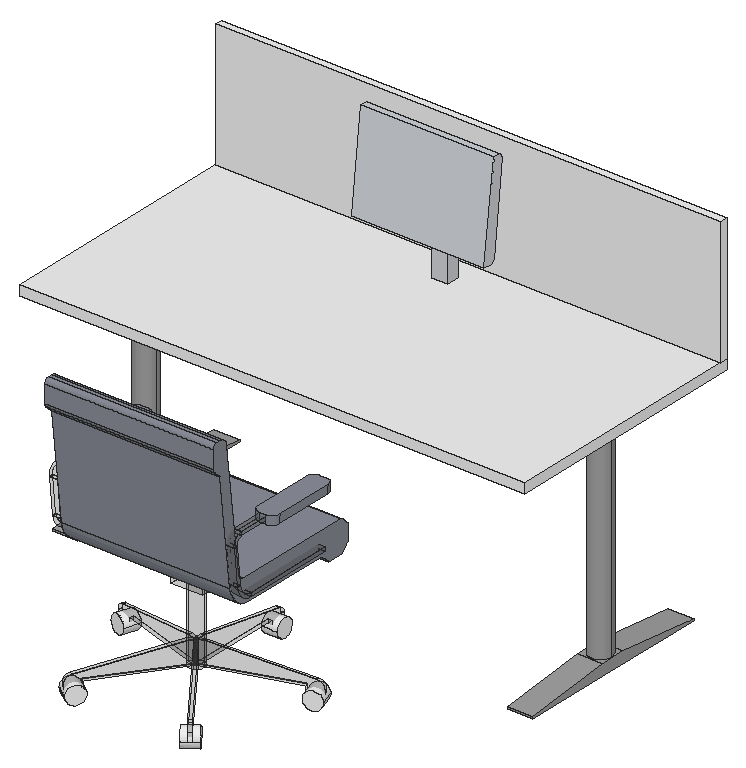
Revit family "Office Space", category Furniture, Revit 2015
Parameters (values of type "Office Space 2")
  Space = 1800 mm
  Screen [instance] = yes
  Material Table Base [instance] = Stainless Steel
  Material Seat/Back [instance] = Slate Blue
  Material Plate [instance] = White
  Material Caster [instance] = Chrome Polished
  Material Chair Base [instance] = Plastic Black
  Divider [instance] = yes
  Desk [instance] = Office Desk : 180x80cm
  Chair [instance] = Chair Task Arms : Chair Task Arms
Types (2, lengths in mm): name | Space | Desk
  Office Space | 1600 | Office Desk : 160x80cm
  Office Space 2 | 1800 | Office Desk : 180x80cm
Reference planes
  plane 1 "Center (Front/Back)": y = 0
  plane 2: z = 0
  plane 3 "Center (Left/Right)": x = 0
Lines and regions (mm)
  symbolic lines, style "FurnitureHiddenLines", detail levels coarse
    curve 1: line (-800, -2200, 0) -> (800, -2200, 0)
Dimensions and locks
  "Space": nested 1 to curve 1
  locked: nested 1 to nested 2 at 300
  aligned and locked: level to plane 2
Automatic sketch dimensions
  curve 1 to plane 3 "Center (Left/Right)" = 800 mm
  plane 3 "Center (Left/Right)" to curve 1 = 800 mm
Nested families
  nested 1: "Office Desk" at (190, 0, 0), Screen <- "Screen", Divider <- "Divider", Material Plate <- "Material Plate", Material Base <- "Material Table Base", type "160x80cm"
    with Screen yes, Material Plate White, Material Base Stainless Steel, Divider yes, Depth 800 mm, Width 1600 mm
  nested 2: "Chair Task Arms" at (-140.991, -681.054, 0), Material Base <- "Material Chair Base", Material Seat/Back <- "Material Seat/Back", Material Caster <- "Material Caster", type <- "Chair", type "Chair Task Arms"
    with Material Seat/Back Slate Blue, Material Caster Chrome Polished, Material Base Plastic Black
Definition of nested family "Office Desk"
  Parameters
    Screen [instance] = yes
    Material Plate [instance] = none
    Material Base [instance] = none
    Height = 720 mm
    Divider [instance] = no
    Depth = 900 mm
    Width = 1800 mm
    Assembly Code = ""
  Reference planes
    plane 1 "Center (Front/Back)": y = 0
    plane 2: z = 0
    plane 3 "Center (Left/Right)": x = -190
    plane 4 "Tableheight": z = 720
    plane 5 "Left": x = -1090
    plane 6: x = 710
    plane 7: y = 450
    plane 8: y = -450
    plane 9: x = -1010
    plane 10: x = 630
  Forms (mm)
    Extrusion 1, solid, material <- "Material Plate"
      sketch origin (48.853, -30.184, 720) x (-1, 0, 0) y (0, -1, 0)
        loop
          line (1138.853, 419.816) -> (-661.147, 419.816) -> (-661.147, -480.184) -> (1138.853, -480.184) -> (1138.853, 419.816)
      from 0 to -30
    Extrusion 2, solid, material <- "Material Base"
      sketch origin (-1000, 1.534, 0) x (0, 1, 0) y (0, 0, 1)
        loop
          line (40, 35) -> (-40, 35) -> (-321.534, 5.732) -> (-321.534, 0) -> (0, 0) -> (318.466, 0) -> (318.466, 5.732) -> (40, 35)
      from -50 to 30
    Extrusion 3, solid, material <- "Material Base"
      sketch origin (-300, 0, 0) x (1, 0, 0) y (0, 1, 0)
        loop
          circle (-710, 0) r 35
      from 35 to 690
    Extrusion 4, solid, material <- "Material Base"
      sketch origin (520, 0, 0) x (0, -1, 0) y (0, 0, 1)
        loop
          line (-40, 35) -> (-318.466, 5.732) -> (-318.466, 0) -> (0, 0) -> (318.466, 0) -> (318.466, 5.732) -> (40, 35) -> (-40, 35)
      from -150 to -70
    Extrusion 5, solid, material <- "Material Base"
      sketch origin (-180, 0, 0) x (-1, 0, 0) y (0, -1, 0)
        loop
          circle (-810, 0) r 35
      from 35 to 690
    Extrusion 6, solid, material <- "Material Plate", visible <- "Divider"
      sketch origin (48.853, -30.184, 720) x (-1, 0, 0) y (0, -1, 0)
        loop
          line (1138.853, -480.184) -> (1138.853, -455.184) -> (-661.147, -455.184) -> (-661.147, -480.184) -> (1138.853, -480.184)
      from 0 to 400
  Dimensions and locks
    "Width": plane 5 "Left" to plane 6
    equal spacing: plane 5 "Left", plane 3 "Center (Left/Right)", plane 6
    "Depth": plane 7 to plane 8
    equal spacing: Extrusion 2, plane 9, Extrusion 2, locked at 40 each
    locked: plane 5 "Left" to plane 9 at 80
    equal spacing: Extrusion 4, plane 10, Extrusion 4, locked at 40 each
    locked: plane 10 to plane 6 at 80
    equal spacing: Extrusion 2, plane 1 "Center (Front/Back)", Extrusion 2
    equal spacing: plane 7, plane 1 "Center (Front/Back)", plane 8
    locked: plane 7 to nested 1 at 180
    "Height": plane 4 "Tableheight" to level
    aligned: plane 5 "Left" to Extrusion 1
    aligned and locked: plane 6 to Extrusion 1
    aligned: Extrusion 1 to plane 5 "Left"
    aligned and locked: Extrusion 1 to plane 6
    aligned and locked: plane 7 to Extrusion 1
    aligned and locked: Extrusion 1 to plane 8
    aligned and locked: Extrusion 1 to plane 5 "Left"
    aligned and locked: plane 3 "Center (Left/Right)" to nested 1
    aligned and locked: Extrusion 5 to Extrusion 1
    aligned and locked: Extrusion 3 to Extrusion 1
    aligned and locked: Extrusion 1 to nested 1
    aligned and locked: Extrusion 6 sketch curve to plane 6
  Automatic sketch dimensions
    Extrusion 2 sketch curve to Extrusion 2 sketch curve = 281.534 mm
    Extrusion 2 sketch curve to Extrusion 2 sketch curve = 40 mm  (x2)
    Extrusion 2 sketch curve to Extrusion 2 sketch curve = 278.466 mm
    Extrusion 2 sketch curve to Extrusion 2 sketch curve = 5.732 mm  (x2)
    Extrusion 2 sketch curve to Extrusion 2 sketch curve = 35 mm
    Extrusion 4 sketch curve to Extrusion 4 sketch curve = 278.466 mm  (x2)
    Extrusion 4 sketch curve to Extrusion 4 sketch curve = 40 mm  (x2)
    Extrusion 4 sketch curve to Extrusion 4 sketch curve = 5.732 mm  (x2)
    Extrusion 4 sketch curve to Extrusion 4 sketch curve = 35 mm
    Extrusion 1 sketch curve to plane 6 = 0 mm
    plane 5 "Left" to Extrusion 1 sketch curve = 0 mm
    plane 7 to Extrusion 1 sketch curve = 0 mm
    Extrusion 1 sketch curve to plane 8 = 0 mm
    Extrusion 2 sketch curve to level = 0 mm
    Extrusion 2 sketch curve to plane 1 "Center (Front/Back)" = 1.534 mm
    plane 1 "Center (Front/Back)" to Extrusion 3 sketch curve = 0 mm
    Extrusion 3 sketch curve to plane 9 = 0 mm
    Extrusion 4 sketch curve to level = 0 mm
    Extrusion 4 sketch curve to plane 1 "Center (Front/Back)" = 0 mm
    plane 1 "Center (Front/Back)" to Extrusion 5 sketch curve = 0 mm
    Extrusion 5 sketch curve to plane 10 = 0 mm
    Extrusion 6 sketch curve to plane 5 "Left" = 0 mm
    Extrusion 6 sketch curve to plane 7 = 0 mm
    Extrusion 6 sketch curve to Extrusion 6 sketch curve = 25 mm
    radius of Extrusion 3 sketch curve = 35 mm
    radius of Extrusion 5 sketch curve = 35 mm
  Nested families
    nested 1: "Computerscreen" at (-190, 270, 0), visible <- "Screen", type "Computerscreen"
      with table height 720 mm
  Definition of nested family "Computerscreen"
    Parameters
      table height [instance] = 720 mm
      material = none
    Reference planes
      plane 1 "Center (Front/Back)": y = 0
      plane 2: z = 0
      plane 3 "Center (Left/Right)": x = 0
      plane 4 "Table height": z = 720
    Forms (mm)
      Extrusion 1, solid
        sketch origin (-25, 0, 0) x (0, 1, 0) y (0, 0, 1)
          loop
            line (0, 1027.5) -> (0, 975.179) -> (12.755, 975.179)
            arc (12.755, 975.179) -> (17.084, 974.704) -> (21.208, 973.305) r 20
            line (21.208, 973.305) -> (32.831, 967.885)
            arc (32.831, 967.885) -> (41.246, 960.505) -> (44.378, 949.759) r 20
            line (44.378, 949.759) -> (44.378, 720) -> (84.378, 720) -> (84.378, 989.401)
            arc (84.378, 989.401) -> (81.246, 1000.147) -> (72.831, 1007.528) r 20
            line (72.831, 1007.528) -> (34.018, 1025.626)
            arc (34.018, 1025.626) -> (29.895, 1027.026) -> (25.566, 1027.5) r 20
            line (25.566, 1027.5) -> (0, 1027.5)
        from 0 to 50
      Extrusion 2, solid
        sketch origin (-210, -128.635, -30.513) x (0, 0.992546, -0.121869) y (0, 0.121869, 0.992546)
          loop
            line (-25, 1205.68) -> (-25, 904.467) -> (0, 904.467) -> (10.607, 915.074) -> (10.607, 1195.074) -> (0, 1205.68) -> (-25, 1205.68)
        from 0 to 420
    Dimensions and locks
      "table height": plane 4 "Table height" to level
      aligned: plane 4 "Table height" to Extrusion 1 sketch curve
    Automatic sketch dimensions
      plane 1 "Center (Front/Back)" to Extrusion 2 sketch curve = 43.222 mm
      plane 4 "Table height" to Extrusion 2 sketch curve = 150.259 mm
      Extrusion 2 sketch curve to Extrusion 2 sketch curve = 25 mm  (x2)
      Extrusion 2 sketch curve to Extrusion 2 sketch curve = 10.607 mm  (x3)
      Extrusion 2 sketch curve to Extrusion 2 sketch curve = 280 mm
      Extrusion 1 sketch curve to plane 1 "Center (Front/Back)" = 0 mm
      Extrusion 1 sketch curve to plane 4 "Table height" = 0 mm
      Extrusion 1 sketch curve to Extrusion 1 sketch curve = 12.755 mm
      Extrusion 1 sketch curve to Extrusion 1 sketch curve = 8.452 mm  (x3)
      Extrusion 1 sketch curve to Extrusion 1 sketch curve = 11.623 mm  (x2)
      Extrusion 1 sketch curve to Extrusion 1 sketch curve = 25.566 mm
      Extrusion 1 sketch curve to plane 1 "Center (Front/Back)" = 44.378 mm
      Extrusion 1 sketch curve to Extrusion 1 sketch curve = 31.548 mm
      Extrusion 1 sketch curve to Extrusion 1 sketch curve = 40 mm
      plane 4 "Table height" to Extrusion 1 sketch curve = 229.759 mm
      Extrusion 1 sketch curve to Extrusion 1 sketch curve = 5.42 mm  (x2)
      Extrusion 1 sketch curve to Extrusion 1 sketch curve = 21.517 mm
      Extrusion 1 sketch curve to Extrusion 1 sketch curve = 34.195 mm
      Extrusion 1 sketch curve to Extrusion 1 sketch curve = 18.126 mm
Definition of nested family "Chair Task Arms"
  Parameters
    Assembly Code = ""
    Material Base [instance] = none
    Material Caster [instance] = none
    Material Seat/Back [instance] = none
  Reference planes
    plane 1 "Center (Front/Back)": y = 18.946
    plane 2: z = 0
    plane 3 "Center (Left/Right)": x = 140.991
    plane 4: x = 458.491
    plane 5: x = -176.509
    plane 6: y = -323.954
    plane 7: y = 361.846
    plane 8: z = 889
    plane 9 "Seat": z = 457.2
    plane 10: y = 285.646
    plane 11: z = 863.6
    plane 12: y = -247.754
    plane 13: y = -222.354
    plane 14: z = 431.8
    plane 15: y = 260.246
    plane 16: z = 787.4
    plane 17: z = 355.6
    plane 18: x = 191.791
    plane 19: x = 90.191
    plane 20: x = 420.391
    plane 21: x = -138.409
    plane 22: z = 609.6
    plane 23: z = 609.6
  Forms (mm)
    Extrusion 1, solid, material <- "Material Seat/Back"
      sketch origin (458.491, 37.892, 0) x (0, 1, 0) y (0, 0, 1)
        loop
          arc (-255.01, 457.2) -> (-259.851, 456.241) -> (-263.96, 453.51) r 12.7
          line (-263.96, 453.51) -> (-281.896, 435.694)
          arc (-281.896, 435.694) -> (-284.671, 431.563) -> (-285.646, 426.684) r 12.7
          line (-285.646, 426.684) -> (-285.646, 391.641)
          arc (-285.646, 391.641) -> (-283.729, 381.96) -> (-278.266, 373.74) r 25.4
          line (-278.266, 373.74) -> (-260.247, 355.6) -> (-209.447, 355.6) -> (-181.074, 383.784) -> (107.109, 383.784)
          arc (107.109, 383.784) -> (157.745, 403.041) -> (182.787, 451.08) r 76.2
          line (182.787, 451.08) -> (222.354, 787.4) -> (244.034, 809.08)
          arc (244.034, 809.08) -> (246.787, 813.2) -> (247.754, 818.061) r 12.7
          line (247.754, 818.061) -> (247.754, 876.3)
          arc (247.754, 876.3) -> (244.034, 885.28) -> (235.054, 889) r 12.7
          line (235.054, 889) -> (222.179, 889)
          arc (222.179, 889) -> (205.3, 882.581) -> (196.953, 866.568) r 25.4
          line (196.953, 866.568) -> (151.431, 479.632)
          arc (151.431, 479.632) -> (143.084, 463.619) -> (126.205, 457.2) r 25.4
          line (126.205, 457.2) -> (-255.01, 457.2)
      from -50.8 to -584.2
    Extrusion 2, solid, material <- "Material Base"
      sketch origin (90.191, 37.892, 0) x (0, 1, 0) y (0, 0, 1)
        loop
          line (19.154, 383.784) -> (-69.746, 383.784) -> (-69.746, 371.084) -> (-18.946, 283.095) -> (19.154, 283.095) -> (19.154, 383.784)
      from 0 to 101.6
    Extrusion 3, solid, material <- "Material Base"
      sketch origin (140.991, 37.892, 0) x (0, -1, 0) y (0, 0, 1)
        loop
          line (18.946, 53.584) -> (311.046, 53.584) -> (311.046, 28.184) -> (361.846, 28.184) -> (361.846, 52.487)
          arc (361.846, 52.487) -> (355.903, 68.813) -> (340.857, 77.501) r 25.4
          line (340.857, 77.501) -> (44.346, 129.784) -> (18.946, 129.784) -> (18.946, 53.584)
      from 6.35 to -6.35
    Extrusion 4, solid, material <- "Material Caster"
      sketch origin (140.991, 37.892, 0) x (0, -1, 0) y (0, 0, 1)
        loop
          circle (336.446, 28.184) r 28.2
      from 25.4 to -25.4
    Extrusion 5, solid, material <- "Material Base"
      sketch origin (122.972, 24.801, 0) x (0.951057, -0.309017, 0) y (0, 0, 1)
        loop
          line (18.946, 53.584) -> (311.046, 53.584) -> (311.046, 28.184) -> (361.846, 28.184) -> (361.846, 52.487)
          arc (361.846, 52.487) -> (355.903, 68.813) -> (340.857, 77.501) r 25.4
          line (340.857, 77.501) -> (44.346, 129.784) -> (18.946, 129.784) -> (18.946, 53.584)
      from 6.35 to -6.35
    Extrusion 6, solid, material <- "Material Caster"
      sketch origin (122.972, 24.801, 0) x (0.951057, -0.309017, 0) y (0, 0, 1)
        loop
          circle (336.446, 28.184) r 28.2
      from 25.4 to -25.4
    Extrusion 7, solid, material <- "Material Base"
      sketch origin (129.855, 3.618, 0) x (0.587785, 0.809017, 0) y (0, 0, 1)
        loop
          line (18.946, 53.584) -> (311.046, 53.584) -> (311.046, 28.184) -> (361.846, 28.184) -> (361.846, 52.487)
          arc (361.846, 52.487) -> (355.903, 68.813) -> (340.857, 77.501) r 25.4
          line (340.857, 77.501) -> (44.346, 129.784) -> (18.946, 129.784) -> (18.946, 53.584)
      from 6.35 to -6.35
    Extrusion 8, solid, material <- "Material Caster"
      sketch origin (129.855, 3.618, 0) x (0.587785, 0.809017, 0) y (0, 0, 1)
        loop
          circle (336.446, 28.184) r 28.2
      from 25.4 to -25.4
    Extrusion 9, solid, material <- "Material Base"
      sketch origin (152.127, 3.618, 0) x (-0.587785, 0.809017, 0) y (0, 0, 1)
        loop
          line (18.946, 53.584) -> (311.046, 53.584) -> (311.046, 28.184) -> (361.846, 28.184) -> (361.846, 52.487)
          arc (361.846, 52.487) -> (355.903, 68.813) -> (340.857, 77.501) r 25.4
          line (340.857, 77.501) -> (44.346, 129.784) -> (18.946, 129.784) -> (18.946, 53.584)
      from 6.35 to -6.35
    Extrusion 10, solid, material <- "Material Caster"
      sketch origin (152.127, 3.618, 0) x (-0.587785, 0.809017, 0) y (0, 0, 1)
        loop
          circle (336.446, 28.184) r 28.2
      from 25.4 to -25.4
    Extrusion 11, solid, material <- "Material Base"
      sketch origin (159.009, 24.801, 0) x (-0.951057, -0.309017, 0) y (0, 0, 1)
        loop
          line (18.946, 53.584) -> (311.046, 53.584) -> (311.046, 28.184) -> (361.846, 28.184) -> (361.846, 52.487)
          arc (361.846, 52.487) -> (355.903, 68.813) -> (340.857, 77.501) r 25.4
          line (340.857, 77.501) -> (44.346, 129.784) -> (18.946, 129.784) -> (18.946, 53.584)
      from 6.35 to -6.35
    Extrusion 12, solid, material <- "Material Caster"
      sketch origin (159.009, 24.801, 0) x (-0.951057, -0.309017, 0) y (0, 0, 1)
        loop
          circle (336.446, 28.184) r 28.2
      from 25.4 to -25.4
    Extrusion 13, solid, material <- "Material Base"
      sketch origin (281.982, 37.892, 0) x (-1, 0, 0) y (0, -1, 0)
        loop
          circle (140.991, 18.946) r 25.4
      from 53.584 to 384.175
    Sweep 14, solid, material <- "Material Base"
      path origin (-138.409, 37.892, 0) x (0, 1, 0) y (0, 0, 1)
        loop
          line (-167.032, 419.1) -> (128.329, 419.1)
          arc (128.329, 419.1) -> (162.087, 431.938) -> (178.781, 463.964) r 50.8
          line (178.781, 463.964) -> (192.578, 581.232)
          arc (192.578, 581.232) -> (186.332, 601.079) -> (167.352, 609.6) r 25.4
          line (167.352, 609.6) -> (-18.946, 609.6)
      profile origin (420.391, 18.54, 0) x (0, 0, 1) y (1, 0, 0)
        loop
          line (425.45, -546.1) -> (412.75, -546.1) -> (412.75, -571.5) -> (425.45, -571.5) -> (425.45, -546.1)
    Sweep 15, solid, material <- "Material Base"
      path origin (420.391, 37.892, 0) x (0, 1, 0) y (0, 0, 1)
        loop
          line (-167.032, 419.1) -> (126.239, 419.1)
          arc (126.239, 419.1) -> (159.996, 431.938) -> (176.691, 463.964) r 50.8
          line (176.691, 463.964) -> (190.487, 581.232)
          arc (190.487, 581.232) -> (184.242, 601.079) -> (165.261, 609.6) r 25.4
          line (165.261, 609.6) -> (-18.946, 609.6)
      profile origin (-138.409, 17.495, 0) x (0, 0, 1) y (1, 0, 0)
        loop
          line (412.75, 546.1) -> (425.45, 546.1) -> (425.45, 571.5) -> (412.75, 571.5) -> (412.75, 546.1)
    Extrusion 16, solid, material <- "Material Seat/Back"
      sketch origin (-125.709, -129.14, 425.45) x (0, 1, 0) y (-1, 0, 0)
        loop
          line (241.235, 6.35) -> (241.235, 25.4)
          arc (241.235, 25.4) -> (233.795, 43.361) -> (215.835, 50.8) r 25.4
          line (215.835, 50.8) -> (25.4, 50.8)
          arc (25.4, 50.8) -> (7.439, 43.361) -> (0, 25.4) r 25.4
          line (0, 25.4) -> (0, 6.35)
          arc (0, 6.35) -> (7.439, -11.611) -> (25.4, -19.05) r 25.4
          line (25.4, -19.05) -> (215.835, -19.05)
          arc (215.835, -19.05) -> (233.795, -11.611) -> (241.235, 6.35) r 25.4
        loop
          line (240.19, -558.8) -> (240.19, -539.75)
          arc (240.19, -539.75) -> (232.75, -521.789) -> (214.79, -514.35) r 25.4
          line (214.79, -514.35) -> (25.4, -514.35)
          arc (25.4, -514.35) -> (7.439, -521.789) -> (0, -539.75) r 25.4
          line (0, -539.75) -> (0, -558.8)
          arc (0, -558.8) -> (7.439, -576.761) -> (25.4, -584.2) r 25.4
          line (25.4, -584.2) -> (214.79, -584.2)
          arc (214.79, -584.2) -> (232.75, -576.761) -> (240.19, -558.8) r 25.4
      from 171.45 to 196.85
  Lines and regions (mm)
    Masking region 1
      outline origin (281.982, 37.892, 457.2) x (0, 1, 0) y (-1, 0, 0)
        loop
          arc (126.205, -74.909) -> (141.084, -110.83) -> (177.005, -125.709) r 50.8
          line (177.005, -125.709) -> (222.354, -125.709)
          arc (222.354, -125.709) -> (240.315, -118.27) -> (247.754, -100.309) r 25.4
          line (247.754, -100.309) -> (247.754, 382.291)
          arc (247.754, 382.291) -> (240.315, 400.251) -> (222.354, 407.691) r 25.4
          line (222.354, 407.691) -> (177.005, 407.691)
          arc (177.005, 407.691) -> (141.084, 392.812) -> (126.205, 356.891) r 50.8
          line (126.205, 356.891) -> (126.205, -74.909)
    Masking region 2
      outline origin (281.982, 37.892, 457.2) x (0, 1, 0) y (-1, 0, 0)
        loop
          line (-281.896, -132.059) -> (-168.214, -132.059)
          arc (-168.214, -132.059) -> (-158.755, -109.222) -> (-135.918, -99.763) r 32.296
          line (-135.918, -99.763) -> (43.787, -99.763)
          arc (43.787, -99.763) -> (66.624, -109.222) -> (76.084, -132.059) r 32.296
          line (76.084, -132.059) -> (218.634, -132.059)
          arc (218.634, -132.059) -> (232.832, -127.721) -> (242.18, -116.187) r 25.4
          arc (242.18, -116.187) -> (233.351, -123.205) -> (222.354, -125.709) r 25.4
          line (222.354, -125.709) -> (177.005, -125.709)
          arc (177.005, -125.709) -> (141.084, -110.83) -> (126.205, -74.909) r 50.8
          line (126.205, -74.909) -> (126.205, 356.891)
          arc (126.205, 356.891) -> (141.084, 392.812) -> (177.005, 407.691) r 50.8
          line (177.005, 407.691) -> (222.354, 407.691)
          arc (222.354, 407.691) -> (233.351, 405.187) -> (242.18, 398.169) r 25.4
          arc (242.18, 398.169) -> (232.832, 409.702) -> (218.634, 414.041) r 25.4
          line (218.634, 414.041) -> (77.12, 414.041)
          arc (77.12, 414.041) -> (67.664, 391.213) -> (44.836, 381.757) r 32.284
          line (44.836, 381.757) -> (-135.924, 381.757)
          arc (-135.924, 381.757) -> (-158.752, 391.213) -> (-168.208, 414.041) r 32.284
          line (-168.208, 414.041) -> (-281.896, 414.041) -> (-281.896, -132.059)
    Masking region 3
      outline origin (281.982, 37.892, 457.2) x (0, 1, 0) y (-1, 0, 0)
        loop
          arc (-168.214, -151.084) -> (-160.549, -169.591) -> (-142.042, -177.256) r 26.172
          line (-142.042, -177.256) -> (49.214, -177.256)
          arc (49.214, -177.256) -> (68.214, -169.386) -> (76.084, -150.387) r 26.869
          line (76.084, -150.387) -> (76.084, -132.059)
          arc (76.084, -132.059) -> (66.624, -109.222) -> (43.787, -99.763) r 32.296
          line (43.787, -99.763) -> (-135.918, -99.763)
          arc (-135.918, -99.763) -> (-158.755, -109.222) -> (-168.214, -132.059) r 32.296
          line (-168.214, -132.059) -> (-168.214, -151.084)
        loop
          line (-168.208, 433.067) -> (-168.208, 414.041)
          arc (-168.208, 414.041) -> (-158.752, 391.213) -> (-135.924, 381.757) r 32.284
          line (-135.924, 381.757) -> (44.836, 381.757)
          arc (44.836, 381.757) -> (67.664, 391.213) -> (77.12, 414.041) r 32.284
          line (77.12, 414.041) -> (77.12, 432.371)
          arc (77.12, 432.371) -> (69.251, 451.367) -> (50.255, 459.235) r 26.864
          line (50.255, 459.235) -> (-142.04, 459.235)
          arc (-142.04, 459.235) -> (-160.544, 451.571) -> (-168.208, 433.067) r 26.168
    symbolic lines, not visible
      curve 1: line (382.291, 285.646, 0) -> (-100.309, 285.646, 0)
      curve 2: line (407.691, 260.246, 0) -> (407.691, 214.897, 0)
      curve 3: line (356.891, 164.097, 0) -> (-74.909, 164.097, 0)
      curve 4: line (-125.709, 260.246, 0) -> (-125.709, 214.897, 0)
      curve 5: arc (356.891, 164.097, 0) -> (392.812, 178.976, 0) -> (407.691, 214.897, 0) r 50.8
      curve 6: arc (-74.909, 164.097, 0) -> (-110.83, 178.976, 0) -> (-125.709, 214.897, 0) r 50.8
      curve 7: arc (407.691, 260.246, 0) -> (400.251, 278.206, 0) -> (382.291, 285.646, 0) r 25.4
      curve 8: arc (-125.709, 260.246, 0) -> (-118.27, 278.206, 0) -> (-100.309, 285.646, 0) r 25.4
      curve 9: line (414.041, -244.004, 0) -> (-132.059, -244.004, 0)
      curve 10: line (414.041, 113.975, 0) -> (414.041, 256.526, 0)
      curve 11: line (388.641, 281.926, 0) -> (-106.659, 281.926, 0)
      curve 12: line (-132.059, 115.012, 0) -> (-132.059, 256.526, 0)
      curve 13: arc (414.041, 256.526, 0) -> (406.601, 274.487, 0) -> (388.641, 281.926, 0) r 25.4
      curve 14: arc (-132.059, 256.526, 0) -> (-124.62, 274.487, 0) -> (-106.659, 281.926, 0) r 25.4
      curve 15: line (381.744, 81.679, 0) -> (381.744, -98.026, 0)
      curve 16: line (459.238, -104.151, 0) -> (459.238, 87.106, 0)
      curve 17: line (414.041, -130.322, 0) -> (433.066, -130.322, 0)
      curve 18: arc (433.066, -130.322, 0) -> (451.572, -122.657, 0) -> (459.238, -104.151, 0) r 26.172
      curve 19: arc (381.744, -98.026, 0) -> (391.204, -120.863, 0) -> (414.041, -130.322, 0) r 32.296
      curve 20: arc (459.238, 87.106, 0) -> (451.368, 106.106, 0) -> (432.369, 113.975, 0) r 26.869
      curve 21: arc (414.041, 113.975, 0) -> (391.204, 104.516, 0) -> (381.744, 81.679, 0) r 32.296
      curve 22: line (432.369, 113.975, 0) -> (414.041, 113.975, 0)
      curve 23: line (-99.776, -98.033, 0) -> (-99.776, 82.728, 0)
      curve 24: arc (-132.059, -130.316, 0) -> (-109.231, -120.861, 0) -> (-99.776, -98.033, 0) r 32.284
      curve 25: line (-151.085, -130.316, 0) -> (-132.059, -130.316, 0)
      curve 26: arc (-151.085, -130.316, 0) -> (-169.589, -122.652, 0) -> (-177.253, -104.148, 0) r 26.168
      curve 27: line (-177.253, 88.147, 0) -> (-177.253, -104.148, 0)
      curve 28: arc (-150.389, 115.012, 0) -> (-169.385, 107.143, 0) -> (-177.253, 88.147, 0) r 26.864
      curve 29: line (-132.059, 115.012, 0) -> (-150.389, 115.012, 0)
      curve 30: arc (-132.059, 115.012, 0) -> (-109.231, 105.556, 0) -> (-99.776, 82.728, 0) r 32.284
      curve 31: line (414.041, -244.004, 0) -> (414.041, -130.322, 0)
      curve 32: line (-132.059, -244.004, 0) -> (-132.059, -130.316, 0)
  Dimensions and locks
    equal spacing: plane 5, plane 3 "Center (Left/Right)", plane 4
    plane 5 to plane 4 = 635 mm
    equal spacing: plane 6, plane 1 "Center (Front/Back)", plane 7
    plane 6 to plane 7 = 685.8 mm
    aligned and locked: Masking region 1 sketch curve to curve 6
    aligned and locked: Masking region 1 sketch curve to curve 8
    aligned and locked: Masking region 1 sketch curve to curve 7
    aligned and locked: Masking region 1 sketch curve to curve 5
    aligned and locked: Masking region 2 sketch curve to curve 31
    aligned and locked: Masking region 2 sketch curve to curve 10
    aligned and locked: Masking region 2 sketch curve to curve 13
    aligned and locked: Masking region 2 sketch curve to curve 14
    aligned and locked: Masking region 2 sketch curve to curve 32
    aligned and locked: Masking region 2 sketch curve to curve 9
    aligned and locked: Masking region 2 sketch curve to curve 7
    aligned and locked: Masking region 2 sketch curve to curve 5
    aligned and locked: Masking region 2 sketch curve to curve 6
    aligned and locked: Masking region 2 sketch curve to curve 8
    aligned and locked: Masking region 2 sketch curve to curve 21
    aligned and locked: Masking region 2 sketch curve to curve 19
    aligned and locked: Masking region 2 sketch curve to curve 24
    aligned and locked: Masking region 2 sketch curve to curve 30
    aligned and locked: Masking region 3 sketch curve to curve 18
    aligned and locked: Masking region 3 sketch curve to curve 20
    aligned and locked: Masking region 3 sketch curve to curve 21
    aligned and locked: Masking region 3 sketch curve to curve 19
    aligned and locked: Masking region 3 sketch curve to curve 26
    aligned and locked: Masking region 3 sketch curve to curve 28
    aligned and locked: Masking region 3 sketch curve to curve 30
    aligned and locked: Masking region 3 sketch curve to curve 24
  Automatic sketch dimensions
    plane 5 to curve 27 = 0.744 mm
    plane 21 to curve 25 = 12.676 mm
    plane 21 to curve 28 = 11.98 mm
    curve 25 to plane 21 = 6.35 mm
    curve 12 to plane 21 = 6.35 mm
    curve 4 to plane 21 = 12.7 mm
    curve 8 to curve 11 = 19.05 mm
    curve 14 to curve 8 = 6.35 mm
    curve 30 to curve 23 = 32.284 mm
    curve 4 to curve 6 = 50.8 mm
    plane 20 to curve 3 = 63.5 mm
    plane 20 to curve 15 = 38.646 mm
    plane 20 to curve 7 = 38.1 mm
    curve 1 to curve 11 = 6.35 mm
    plane 20 to curve 2 = 12.7 mm
    plane 20 to curve 19 = 6.35 mm
    plane 20 to curve 10 = 6.35 mm
    curve 22 to plane 20 = 11.978 mm
    curve 18 to plane 20 = 12.675 mm
    curve 16 to plane 4 = 0.747 mm
    curve 32 to plane 6 = 79.95 mm
    curve 9 to curve 31 = 113.682 mm
    curve 9 to curve 32 = 113.688 mm
    curve 15 to plane 1 "Center (Front/Back)" = 62.733 mm
    curve 30 to plane 1 "Center (Front/Back)" = 63.782 mm
    curve 21 to curve 3 = 50.121 mm
    curve 4 to curve 14 = 41.629 mm
    curve 14 to curve 8 = 3.72 mm
    Extrusion 1 sketch curve to plane 12 = 0 mm
    plane 17 to Extrusion 1 sketch curve = 0 mm
    Extrusion 1 sketch curve to plane 13 = 0 mm
    plane 9 "Seat" to Extrusion 1 sketch curve = 0 mm
    plane 8 to Extrusion 1 sketch curve = 0 mm
    Extrusion 1 sketch curve to plane 11 = 0 mm
    Extrusion 1 sketch curve to plane 15 = 0 mm
    Extrusion 1 sketch curve to plane 10 = 0 mm
    Extrusion 1 sketch curve to plane 16 = 0 mm
    Extrusion 1 sketch curve to plane 12 = 3.75 mm
    Extrusion 1 sketch curve to plane 12 = 7.38 mm
    plane 14 to Extrusion 1 sketch curve = 5.116 mm
    Extrusion 1 sketch curve to plane 12 = 12.7 mm
    plane 13 to Extrusion 1 sketch curve = 3.715 mm
    plane 13 to Extrusion 1 sketch curve = 0.001 mm
    Extrusion 1 sketch curve to plane 13 = 5.236 mm
    Extrusion 1 sketch curve to plane 13 = 50.799 mm
    Extrusion 1 sketch curve to plane 17 = 28.184 mm
    Extrusion 1 sketch curve to Extrusion 1 sketch curve = 28.373 mm
    Extrusion 1 sketch curve to plane 9 "Seat" = 2.784 mm
    plane 15 to Extrusion 1 sketch curve = 115.245 mm
    Extrusion 1 sketch curve to Extrusion 1 sketch curve = 19.096 mm
    Extrusion 1 sketch curve to plane 9 "Seat" = 22.432 mm
    Extrusion 1 sketch curve to Extrusion 1 sketch curve = 25.226 mm
    plane 9 "Seat" to Extrusion 1 sketch curve = 6.12 mm
    plane 11 to Extrusion 1 sketch curve = 2.968 mm
    plane 15 to Extrusion 1 sketch curve = 25.401 mm
    Extrusion 1 sketch curve to Extrusion 1 sketch curve = 12.7 mm
    plane 10 to Extrusion 1 sketch curve = 12.7 mm
    plane 10 to Extrusion 1 sketch curve = 3.72 mm
    Extrusion 1 sketch curve to plane 17 = 18.14 mm
    plane 9 "Seat" to Extrusion 1 sketch curve = 12.7 mm
    plane 16 to Extrusion 1 sketch curve = 21.68 mm
    Extrusion 2 sketch curve to plane 1 "Center (Front/Back)" = 0 mm
    plane 1 "Center (Front/Back)" to Extrusion 2 sketch curve = 50.8 mm
    Extrusion 2 sketch curve to plane 1 "Center (Front/Back)" = 38.1 mm
    plane 9 "Seat" to Extrusion 2 sketch curve = 174.105 mm
    plane 9 "Seat" to Extrusion 2 sketch curve = 86.116 mm
    Extrusion 2 sketch curve to Extrusion 2 sketch curve = 12.7 mm
    Extrusion 3 sketch curve to plane 1 "Center (Front/Back)" = 0 mm
    Extrusion 3 sketch curve to plane 6 = 0 mm
    Extrusion 3 sketch curve to Extrusion 3 sketch curve = 25.4 mm  (x2)
    Extrusion 3 sketch curve to Extrusion 3 sketch curve = 50.8 mm
    Extrusion 3 sketch curve to plane 6 = 20.989 mm
    level to Extrusion 3 sketch curve = 28.184 mm
    Extrusion 3 sketch curve to Extrusion 3 sketch curve = 24.303 mm
    level to Extrusion 3 sketch curve = 53.584 mm
    Extrusion 3 sketch curve to Extrusion 3 sketch curve = 76.2 mm
    Extrusion 4 sketch curve to Extrusion 4 sketch curve = 0 mm  (x2)
    Extrusion 4 sketch curve to plane 6 = 25.4 mm
    level to Extrusion 4 sketch curve = 28.184 mm
    Extrusion 4 sketch curve to Extrusion 4 sketch curve = 28.2 mm
    level to Extrusion 5 sketch curve = 53.584 mm
    Extrusion 5 sketch curve to Extrusion 5 sketch curve = 25.4 mm  (x3)
    level to Extrusion 5 sketch curve = 28.184 mm
    Extrusion 5 sketch curve to Extrusion 5 sketch curve = 266.7 mm
    level to Extrusion 5 sketch curve = 77.501 mm
    Extrusion 5 sketch curve to Extrusion 5 sketch curve = 4.411 mm
    Extrusion 5 sketch curve to Extrusion 5 sketch curve = 76.2 mm
    Extrusion 6 sketch curve to Extrusion 6 sketch curve = 0 mm  (x2)
    level to Extrusion 6 sketch curve = 28.184 mm
    Extrusion 6 sketch curve to Extrusion 6 sketch curve = 28.2 mm
    level to Extrusion 7 sketch curve = 53.584 mm
    Extrusion 7 sketch curve to Extrusion 7 sketch curve = 25.4 mm  (x3)
    level to Extrusion 7 sketch curve = 28.184 mm
    Extrusion 7 sketch curve to Extrusion 7 sketch curve = 266.7 mm
    level to Extrusion 7 sketch curve = 77.501 mm
    Extrusion 7 sketch curve to Extrusion 7 sketch curve = 4.411 mm
    Extrusion 7 sketch curve to Extrusion 7 sketch curve = 76.2 mm
    Extrusion 8 sketch curve to Extrusion 8 sketch curve = 0 mm  (x2)
    level to Extrusion 8 sketch curve = 28.184 mm
    Extrusion 8 sketch curve to Extrusion 8 sketch curve = 28.2 mm
    level to Extrusion 9 sketch curve = 53.584 mm
    Extrusion 9 sketch curve to Extrusion 9 sketch curve = 25.4 mm  (x3)
    level to Extrusion 9 sketch curve = 28.184 mm
    Extrusion 9 sketch curve to Extrusion 9 sketch curve = 266.7 mm
    level to Extrusion 9 sketch curve = 77.501 mm
    Extrusion 9 sketch curve to Extrusion 9 sketch curve = 4.411 mm
    Extrusion 9 sketch curve to Extrusion 9 sketch curve = 76.2 mm
    Extrusion 10 sketch curve to Extrusion 10 sketch curve = 0 mm  (x2)
    level to Extrusion 10 sketch curve = 28.184 mm
    Extrusion 10 sketch curve to Extrusion 10 sketch curve = 28.2 mm
    level to Extrusion 11 sketch curve = 53.584 mm
    Extrusion 11 sketch curve to Extrusion 11 sketch curve = 25.4 mm  (x3)
    level to Extrusion 11 sketch curve = 28.184 mm
    Extrusion 11 sketch curve to Extrusion 11 sketch curve = 266.7 mm
    level to Extrusion 11 sketch curve = 77.501 mm
    Extrusion 11 sketch curve to Extrusion 11 sketch curve = 4.411 mm
    Extrusion 11 sketch curve to Extrusion 11 sketch curve = 76.2 mm
    Extrusion 12 sketch curve to Extrusion 12 sketch curve = 0 mm  (x2)
    level to Extrusion 12 sketch curve = 28.184 mm
    Extrusion 12 sketch curve to Extrusion 12 sketch curve = 28.2 mm
    Extrusion 13 sketch curve to Extrusion 13 sketch curve = 0 mm  (x2)
    plane 1 "Center (Front/Back)" to Extrusion 13 sketch curve = 0 mm
    Extrusion 13 sketch curve to plane 3 "Center (Left/Right)" = 0 mm
    Extrusion 13 sketch curve to Extrusion 13 sketch curve = 25.4 mm
    Sweep 14 sketch curve to plane 1 "Center (Front/Back)" = 0 mm
    plane 22 to Sweep 14 sketch curve = 0 mm
    Sweep 14 sketch curve to plane 9 "Seat" = 12.7 mm
    Sweep 14 sketch curve to plane 1 "Center (Front/Back)" = 147.275 mm
    Sweep 14 sketch curve to Sweep 14 sketch curve = 39.022 mm
    Sweep 14 sketch curve to plane 9 "Seat" = 6.764 mm
    Sweep 14 sketch curve to Sweep 14 sketch curve = 50.452 mm
    plane 22 to Sweep 14 sketch curve = 28.368 mm
    Sweep 14 sketch curve to Sweep 14 sketch curve = 25.226 mm
    plane 1 "Center (Front/Back)" to Sweep 14 sketch curve = 148.086 mm
    Sweep 15 sketch curve to plane 1 "Center (Front/Back)" = 0 mm
    Sweep 15 sketch curve to plane 23 = 0 mm
    Sweep 15 sketch curve to plane 9 "Seat" = 12.7 mm
    Sweep 15 sketch curve to plane 1 "Center (Front/Back)" = 145.185 mm
    Sweep 15 sketch curve to Sweep 15 sketch curve = 39.022 mm
    Sweep 15 sketch curve to plane 9 "Seat" = 6.764 mm
    Sweep 15 sketch curve to Sweep 15 sketch curve = 50.452 mm
    Sweep 15 sketch curve to plane 23 = 28.368 mm
    Sweep 15 sketch curve to Sweep 15 sketch curve = 25.226 mm
    plane 1 "Center (Front/Back)" to Sweep 15 sketch curve = 148.086 mm
    Extrusion 16 sketch curve to Sweep 14 = 0 mm  (x3)
    Sweep 14 to Extrusion 16 sketch curve = 0 mm
    Extrusion 16 sketch curve to Sweep 14 = 6.35 mm  (x2)
    Sweep 14 to Extrusion 16 sketch curve = 25.4 mm  (x3)
    Extrusion 16 sketch curve to Extrusion 16 sketch curve = 0 mm  (x2)
    Extrusion 16 sketch curve to Sweep 14 = 80.572 mm
    Extrusion 16 sketch curve to Sweep 14 = 79.526 mm
    Extrusion 16 sketch curve to Extrusion 16 sketch curve = 25.4 mm
    Extrusion 16 sketch curve to Extrusion 16 sketch curve = 495.3 mm
    Extrusion 16 sketch curve to Extrusion 16 sketch curve = 19.05 mm
